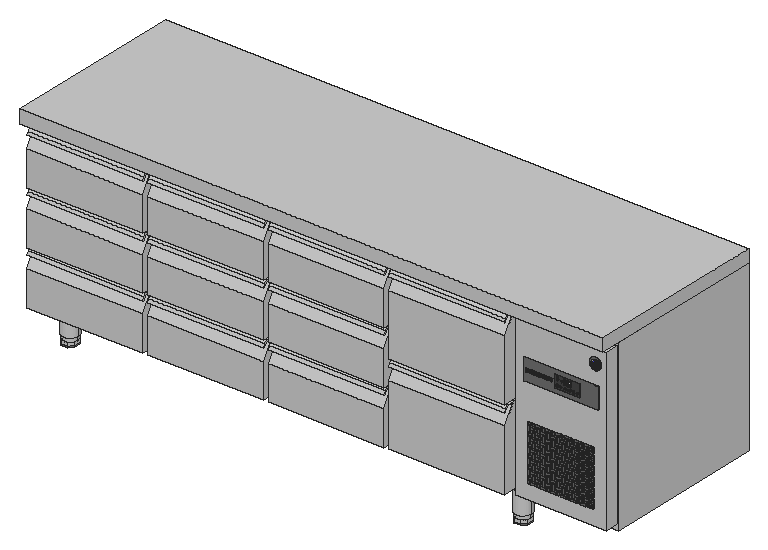
Revit family "QF_HOSHIZAKI_889040858", category Specialty Equipment, Revit 2016 (continued)
Definition of nested family "QF_HOSHIZAKI_889040858_230V_1Ph_50Hz"
  Definition of nested family "Control-panel"
    Forms (mm)
      Extrusion 1, solid
        sketch origin (-3653, 19.5, -135) x (-1, 0, 0) y (0, 0, 1)
          loop
            line (-3840.5, 317.986) -> (-3840.5, 299.986)
            arc (-3840.5, 299.986) -> (-3837, 296.486) -> (-3833.5, 299.986) r 3.5
            line (-3833.5, 299.986) -> (-3833.5, 317.986)
          loop
            arc (-3871.5, 317.986) -> (-3875, 321.486) -> (-3878.5, 317.986) r 3.5
            line (-3878.5, 317.986) -> (-3878.5, 299.986)
            arc (-3878.5, 299.986) -> (-3875, 296.486) -> (-3871.5, 299.986) r 3.5
            line (-3871.5, 299.986) -> (-3871.5, 317.986)
          loop
            arc (-3909.5, 317.986) -> (-3913, 321.486) -> (-3916.5, 317.986) r 3.5
            line (-3916.5, 317.986) -> (-3916.5, 299.986)
            arc (-3916.5, 299.986) -> (-3913, 296.486) -> (-3909.5, 299.986) r 3.5
            line (-3909.5, 299.986) -> (-3909.5, 317.986)
          loop
            arc (-3951, 330.986) -> (-3954, 327.986) -> (-3951, 324.986) r 3
            line (-3951, 324.986) -> (-3942, 324.986)
            arc (-3942, 324.986) -> (-3939, 327.986) -> (-3942, 330.986) r 3
            line (-3942, 330.986) -> (-3951, 330.986)
          loop
            arc (-3947.5, 317.986) -> (-3951, 321.486) -> (-3954.5, 317.986) r 3.5
            line (-3954.5, 317.986) -> (-3954.5, 299.986)
            arc (-3954.5, 299.986) -> (-3951, 296.486) -> (-3947.5, 299.986) r 3.5
            line (-3947.5, 299.986) -> (-3947.5, 317.986)
          loop
            arc (-3941, 312.486) -> (-3944.5, 308.986) -> (-3941, 305.486) r 3.5
            line (-3941, 305.486) -> (-3923, 305.486)
            arc (-3923, 305.486) -> (-3919.5, 308.986) -> (-3923, 312.486) r 3.5
            line (-3923, 312.486) -> (-3941, 312.486)
          loop
            arc (-3903, 312.486) -> (-3906.5, 308.986) -> (-3903, 305.486) r 3.5
            line (-3903, 305.486) -> (-3885, 305.486)
            arc (-3885, 305.486) -> (-3881.5, 308.986) -> (-3885, 312.486) r 3.5
            line (-3885, 312.486) -> (-3903, 312.486)
          loop
            arc (-3865, 312.486) -> (-3868.5, 308.986) -> (-3865, 305.486) r 3.5
            line (-3865, 305.486) -> (-3847, 305.486)
            arc (-3847, 305.486) -> (-3843.5, 308.986) -> (-3847, 312.486) r 3.5
            line (-3847, 312.486) -> (-3865, 312.486)
          loop
            arc (-3827, 312.486) -> (-3830.5, 308.986) -> (-3827, 305.486) r 3.5
            line (-3827, 305.486) -> (-3809, 305.486)
            arc (-3809, 305.486) -> (-3805.5, 308.986) -> (-3809, 312.486) r 3.5
            line (-3809, 312.486) -> (-3827, 312.486)
          loop
            arc (-3789, 312.486) -> (-3792.5, 308.986) -> (-3789, 305.486) r 3.5
            line (-3789, 305.486) -> (-3771, 305.486)
            arc (-3771, 305.486) -> (-3767.5, 308.986) -> (-3771, 312.486) r 3.5
            line (-3771, 312.486) -> (-3789, 312.486)
          loop
            arc (-3751, 312.486) -> (-3754.5, 308.986) -> (-3751, 305.486) r 3.5
            line (-3751, 305.486) -> (-3733, 305.486)
            arc (-3733, 305.486) -> (-3729.5, 308.986) -> (-3733, 312.486) r 3.5
            line (-3733, 312.486) -> (-3751, 312.486)
          loop
            arc (-3713, 312.486) -> (-3716.5, 308.986) -> (-3713, 305.486) r 3.5
            line (-3713, 305.486) -> (-3704, 305.486)
            arc (-3704, 305.486) -> (-3700.5, 308.986) -> (-3704, 312.486) r 3.5
            line (-3704, 312.486) -> (-3713, 312.486)
          loop
            line (-3938.025, 302.996) -> (-3945.025, 302.996) -> (-3945.025, 295.996) -> (-3938.025, 295.996) -> (-3938.025, 302.996)
          loop
            line (-3919.025, 302.996) -> (-3926.025, 302.996) -> (-3926.025, 295.996) -> (-3919.025, 295.996) -> (-3919.025, 302.996)
          loop
            line (-3900.025, 302.996) -> (-3907.025, 302.996) -> (-3907.025, 295.996) -> (-3900.025, 295.996) -> (-3900.025, 302.996)
          loop
            line (-3881.025, 302.996) -> (-3888.025, 302.996) -> (-3888.025, 295.996) -> (-3881.025, 295.996) -> (-3881.025, 302.996)
          loop
            line (-3862.025, 302.996) -> (-3869.025, 302.996) -> (-3869.025, 295.996) -> (-3862.025, 295.996) -> (-3862.025, 302.996)
          loop
            line (-3843.025, 302.996) -> (-3850.025, 302.996) -> (-3850.025, 295.996) -> (-3843.025, 295.996) -> (-3843.025, 302.996)
          loop
            line (-3824.025, 302.996) -> (-3831.025, 302.996) -> (-3831.025, 295.996) -> (-3824.025, 295.996) -> (-3824.025, 302.996)
          loop
            line (-3805.025, 302.996) -> (-3812.025, 302.996) -> (-3812.025, 295.996) -> (-3805.025, 295.996) -> (-3805.025, 302.996)
          loop
            line (-3786.025, 302.996) -> (-3793.025, 302.996) -> (-3793.025, 295.996) -> (-3786.025, 295.996) -> (-3786.025, 302.996)
          loop
            line (-3767.025, 302.996) -> (-3774.025, 302.996) -> (-3774.025, 295.996) -> (-3767.025, 295.996) -> (-3767.025, 302.996)
          loop
            line (-3748.025, 302.996) -> (-3755.025, 302.996) -> (-3755.025, 295.996) -> (-3748.025, 295.996) -> (-3748.025, 302.996)
          loop
            line (-3729.025, 302.996) -> (-3736.025, 302.996) -> (-3736.025, 295.996) -> (-3729.025, 295.996) -> (-3729.025, 302.996)
          loop
            line (-3710.025, 302.996) -> (-3717.025, 302.996) -> (-3717.025, 295.996) -> (-3710.025, 295.996) -> (-3710.025, 302.996)
          loop
            line (-3935.5, 298.986) -> (-3935.5, 280.986)
            arc (-3935.5, 280.986) -> (-3932, 277.486) -> (-3928.5, 280.986) r 3.5
            line (-3928.5, 280.986) -> (-3928.5, 298.986)
            arc (-3928.5, 298.986) -> (-3932, 302.486) -> (-3935.5, 298.986) r 3.5
          loop
            line (-3897.5, 298.986) -> (-3897.5, 280.986)
            arc (-3897.5, 280.986) -> (-3894, 277.486) -> (-3890.5, 280.986) r 3.5
            line (-3890.5, 280.986) -> (-3890.5, 298.986)
            arc (-3890.5, 298.986) -> (-3894, 302.486) -> (-3897.5, 298.986) r 3.5
          loop
            line (-3859.5, 298.986) -> (-3859.5, 280.986)
            arc (-3859.5, 280.986) -> (-3856, 277.486) -> (-3852.5, 280.986) r 3.5
            line (-3852.5, 280.986) -> (-3852.5, 298.986)
            arc (-3852.5, 298.986) -> (-3856, 302.486) -> (-3859.5, 298.986) r 3.5
          loop
            line (-3821.5, 298.986) -> (-3821.5, 280.986)
            arc (-3821.5, 280.986) -> (-3818, 277.486) -> (-3814.5, 280.986) r 3.5
            line (-3814.5, 280.986) -> (-3814.5, 298.986)
            arc (-3814.5, 298.986) -> (-3818, 302.486) -> (-3821.5, 298.986) r 3.5
          loop
            line (-3783.5, 298.986) -> (-3783.5, 280.986)
            arc (-3783.5, 280.986) -> (-3780, 277.486) -> (-3776.5, 280.986) r 3.5
            line (-3776.5, 280.986) -> (-3776.5, 298.986)
            arc (-3776.5, 298.986) -> (-3780, 302.486) -> (-3783.5, 298.986) r 3.5
          loop
            line (-3745.5, 298.986) -> (-3745.5, 280.986)
            arc (-3745.5, 280.986) -> (-3742, 277.486) -> (-3738.5, 280.986) r 3.5
            line (-3738.5, 280.986) -> (-3738.5, 298.986)
            arc (-3738.5, 298.986) -> (-3742, 302.486) -> (-3745.5, 298.986) r 3.5
          loop
            line (-3707.5, 298.986) -> (-3707.5, 280.986)
            arc (-3707.5, 280.986) -> (-3704, 277.486) -> (-3700.5, 280.986) r 3.5
            line (-3700.5, 280.986) -> (-3700.5, 298.986)
            arc (-3700.5, 298.986) -> (-3704, 302.486) -> (-3707.5, 298.986) r 3.5
          loop
            arc (-3922, 293.486) -> (-3925.5, 289.986) -> (-3922, 286.486) r 3.5
            line (-3922, 286.486) -> (-3904, 286.486)
            arc (-3904, 286.486) -> (-3900.5, 289.986) -> (-3904, 293.486) r 3.5
            line (-3904, 293.486) -> (-3922, 293.486)
          loop
            arc (-3884, 293.486) -> (-3887.5, 289.986) -> (-3884, 286.486) r 3.5
            line (-3884, 286.486) -> (-3866, 286.486)
            arc (-3866, 286.486) -> (-3862.5, 289.986) -> (-3866, 293.486) r 3.5
            line (-3866, 293.486) -> (-3884, 293.486)
          loop
            arc (-3846, 293.486) -> (-3849.5, 289.986) -> (-3846, 286.486) r 3.5
            line (-3846, 286.486) -> (-3828, 286.486)
            arc (-3828, 286.486) -> (-3824.5, 289.986) -> (-3828, 293.486) r 3.5
            line (-3828, 293.486) -> (-3846, 293.486)
          loop
            arc (-3808, 293.486) -> (-3811.5, 289.986) -> (-3808, 286.486) r 3.5
            line (-3808, 286.486) -> (-3790, 286.486)
            arc (-3790, 286.486) -> (-3786.5, 289.986) -> (-3790, 293.486) r 3.5
            line (-3790, 293.486) -> (-3808, 293.486)
          loop
            arc (-3770, 293.486) -> (-3773.5, 289.986) -> (-3770, 286.486) r 3.5
            line (-3770, 286.486) -> (-3752, 286.486)
            arc (-3752, 286.486) -> (-3748.5, 289.986) -> (-3752, 293.486) r 3.5
            line (-3752, 293.486) -> (-3770, 293.486)
          loop
            arc (-3732, 293.486) -> (-3735.5, 289.986) -> (-3732, 286.486) r 3.5
            line (-3732, 286.486) -> (-3714, 286.486)
            arc (-3714, 286.486) -> (-3710.5, 289.986) -> (-3714, 293.486) r 3.5
            line (-3714, 293.486) -> (-3732, 293.486)
          loop
            line (-3938.025, 276.976) -> (-3938.025, 283.976) -> (-3945.025, 283.976) -> (-3945.025, 276.976) -> (-3938.025, 276.976)
          loop
            line (-3919.025, 276.976) -> (-3919.025, 283.976) -> (-3926.025, 283.976) -> (-3926.025, 276.976) -> (-3919.025, 276.976)
          loop
            line (-3900.025, 276.976) -> (-3900.025, 283.976) -> (-3907.025, 283.976) -> (-3907.025, 276.976) -> (-3900.025, 276.976)
          loop
            line (-3881.025, 276.976) -> (-3881.025, 283.976) -> (-3888.025, 283.976) -> (-3888.025, 276.976) -> (-3881.025, 276.976)
          loop
            line (-3862.025, 276.976) -> (-3862.025, 283.976) -> (-3869.025, 283.976) -> (-3869.025, 276.976) -> (-3862.025, 276.976)
          loop
            line (-3843.025, 276.976) -> (-3843.025, 283.976) -> (-3850.025, 283.976) -> (-3850.025, 276.976) -> (-3843.025, 276.976)
          loop
            line (-3824.025, 276.976) -> (-3824.025, 283.976) -> (-3831.025, 283.976) -> (-3831.025, 276.976) -> (-3824.025, 276.976)
          loop
            line (-3805.025, 276.976) -> (-3805.025, 283.976) -> (-3812.025, 283.976) -> (-3812.025, 276.976) -> (-3805.025, 276.976)
          loop
            line (-3786.025, 276.976) -> (-3786.025, 283.976) -> (-3793.025, 283.976) -> (-3793.025, 276.976) -> (-3786.025, 276.976)
          loop
            line (-3767.025, 276.976) -> (-3767.025, 283.976) -> (-3774.025, 283.976) -> (-3774.025, 276.976) -> (-3767.025, 276.976)
          loop
            line (-3748.025, 276.976) -> (-3748.025, 283.976) -> (-3755.025, 283.976) -> (-3755.025, 276.976) -> (-3748.025, 276.976)
          loop
            line (-3729.025, 276.976) -> (-3729.025, 283.976) -> (-3736.025, 283.976) -> (-3736.025, 276.976) -> (-3729.025, 276.976)
          loop
            line (-3710.025, 276.976) -> (-3710.025, 283.976) -> (-3717.025, 283.976) -> (-3717.025, 276.976) -> (-3710.025, 276.976)
          loop
            arc (-3719.5, 279.986) -> (-3723, 283.486) -> (-3726.5, 279.986) r 3.5
            line (-3726.5, 279.986) -> (-3726.5, 261.986)
            arc (-3726.5, 261.986) -> (-3723, 258.486) -> (-3719.5, 261.986) r 3.5
            line (-3719.5, 261.986) -> (-3719.5, 279.986)
          loop
            arc (-3757.5, 279.986) -> (-3761, 283.486) -> (-3764.5, 279.986) r 3.5
            line (-3764.5, 279.986) -> (-3764.5, 261.986)
            arc (-3764.5, 261.986) -> (-3761, 258.486) -> (-3757.5, 261.986) r 3.5
            line (-3757.5, 261.986) -> (-3757.5, 279.986)
          loop
            arc (-3795.5, 279.986) -> (-3799, 283.486) -> (-3802.5, 279.986) r 3.5
            line (-3802.5, 279.986) -> (-3802.5, 261.986)
            arc (-3802.5, 261.986) -> (-3799, 258.486) -> (-3795.5, 261.986) r 3.5
            line (-3795.5, 261.986) -> (-3795.5, 279.986)
          loop
            arc (-3833.5, 279.986) -> (-3837, 283.486) -> (-3840.5, 279.986) r 3.5
            line (-3840.5, 279.986) -> (-3840.5, 261.986)
            arc (-3840.5, 261.986) -> (-3837, 258.486) -> (-3833.5, 261.986) r 3.5
            line (-3833.5, 261.986) -> (-3833.5, 279.986)
          loop
            arc (-3871.5, 279.986) -> (-3875, 283.486) -> (-3878.5, 279.986) r 3.5
            line (-3878.5, 279.986) -> (-3878.5, 261.986)
            arc (-3878.5, 261.986) -> (-3875, 258.486) -> (-3871.5, 261.986) r 3.5
            line (-3871.5, 261.986) -> (-3871.5, 279.986)
          loop
            arc (-3909.5, 279.986) -> (-3913, 283.486) -> (-3916.5, 279.986) r 3.5
            line (-3916.5, 279.986) -> (-3916.5, 261.986)
            arc (-3916.5, 261.986) -> (-3913, 258.486) -> (-3909.5, 261.986) r 3.5
            line (-3909.5, 261.986) -> (-3909.5, 279.986)
          loop
            arc (-3951, 292.986) -> (-3954, 289.986) -> (-3951, 286.986) r 3
            line (-3951, 286.986) -> (-3942, 286.986)
            arc (-3942, 286.986) -> (-3939, 289.986) -> (-3942, 292.986) r 3
            line (-3942, 292.986) -> (-3951, 292.986)
          loop
            arc (-3947.5, 279.986) -> (-3951, 283.486) -> (-3954.5, 279.986) r 3.5
            line (-3954.5, 279.986) -> (-3954.5, 261.986)
            arc (-3954.5, 261.986) -> (-3951, 258.486) -> (-3947.5, 261.986) r 3.5
            line (-3947.5, 261.986) -> (-3947.5, 279.986)
          loop
            arc (-3941, 274.486) -> (-3944.5, 270.986) -> (-3941, 267.486) r 3.5
            line (-3941, 267.486) -> (-3923, 267.486)
            arc (-3923, 267.486) -> (-3919.5, 270.986) -> (-3923, 274.486) r 3.5
            line (-3923, 274.486) -> (-3941, 274.486)
          loop
            arc (-3903, 274.486) -> (-3906.5, 270.986) -> (-3903, 267.486) r 3.5
            line (-3903, 267.486) -> (-3885, 267.486)
            arc (-3885, 267.486) -> (-3881.5, 270.986) -> (-3885, 274.486) r 3.5
            line (-3885, 274.486) -> (-3903, 274.486)
          loop
            arc (-3865, 274.486) -> (-3868.5, 270.986) -> (-3865, 267.486) r 3.5
            line (-3865, 267.486) -> (-3847, 267.486)
            arc (-3847, 267.486) -> (-3843.5, 270.986) -> (-3847, 274.486) r 3.5
            line (-3847, 274.486) -> (-3865, 274.486)
          loop
            arc (-3827, 274.486) -> (-3830.5, 270.986) -> (-3827, 267.486) r 3.5
            line (-3827, 267.486) -> (-3809, 267.486)
            arc (-3809, 267.486) -> (-3805.5, 270.986) -> (-3809, 274.486) r 3.5
            line (-3809, 274.486) -> (-3827, 274.486)
          loop
            arc (-3789, 274.486) -> (-3792.5, 270.986) -> (-3789, 267.486) r 3.5
            line (-3789, 267.486) -> (-3771, 267.486)
            arc (-3771, 267.486) -> (-3767.5, 270.986) -> (-3771, 274.486) r 3.5
            line (-3771, 274.486) -> (-3789, 274.486)
          loop
            arc (-3751, 274.486) -> (-3754.5, 270.986) -> (-3751, 267.486) r 3.5
            line (-3751, 267.486) -> (-3733, 267.486)
            arc (-3733, 267.486) -> (-3729.5, 270.986) -> (-3733, 274.486) r 3.5
            line (-3733, 274.486) -> (-3751, 274.486)
          loop
            arc (-3713, 274.486) -> (-3716.5, 270.986) -> (-3713, 267.486) r 3.5
            line (-3713, 267.486) -> (-3704, 267.486)
            arc (-3704, 267.486) -> (-3700.5, 270.986) -> (-3704, 274.486) r 3.5
            line (-3704, 274.486) -> (-3713, 274.486)
          loop
            line (-3938.025, 264.996) -> (-3945.025, 264.996) -> (-3945.025, 257.996) -> (-3938.025, 257.996) -> (-3938.025, 264.996)
          loop
            line (-3919.025, 264.996) -> (-3926.025, 264.996) -> (-3926.025, 257.996) -> (-3919.025, 257.996) -> (-3919.025, 264.996)
          loop
            line (-3900.025, 264.996) -> (-3907.025, 264.996) -> (-3907.025, 257.996) -> (-3900.025, 257.996) -> (-3900.025, 264.996)
          loop
            line (-3881.025, 264.996) -> (-3888.025, 264.996) -> (-3888.025, 257.996) -> (-3881.025, 257.996) -> (-3881.025, 264.996)
          loop
            line (-3862.025, 264.996) -> (-3869.025, 264.996) -> (-3869.025, 257.996) -> (-3862.025, 257.996) -> (-3862.025, 264.996)
          loop
            line (-3843.025, 264.996) -> (-3850.025, 264.996) -> (-3850.025, 257.996) -> (-3843.025, 257.996) -> (-3843.025, 264.996)
          loop
            line (-3824.025, 264.996) -> (-3831.025, 264.996) -> (-3831.025, 257.996) -> (-3824.025, 257.996) -> (-3824.025, 264.996)
          loop
            line (-3805.025, 264.996) -> (-3812.025, 264.996) -> (-3812.025, 257.996) -> (-3805.025, 257.996) -> (-3805.025, 264.996)
          loop
            line (-3786.025, 264.996) -> (-3793.025, 264.996) -> (-3793.025, 257.996) -> (-3786.025, 257.996) -> (-3786.025, 264.996)
          loop
            line (-3767.025, 264.996) -> (-3774.025, 264.996) -> (-3774.025, 257.996) -> (-3767.025, 257.996) -> (-3767.025, 264.996)
          loop
            line (-3748.025, 264.996) -> (-3755.025, 264.996) -> (-3755.025, 257.996) -> (-3748.025, 257.996) -> (-3748.025, 264.996)
          loop
            line (-3729.025, 264.996) -> (-3736.025, 264.996) -> (-3736.025, 257.996) -> (-3729.025, 257.996) -> (-3729.025, 264.996)
          loop
            line (-3710.025, 264.996) -> (-3717.025, 264.996) -> (-3717.025, 257.996) -> (-3710.025, 257.996) -> (-3710.025, 264.996)
          loop
            line (-3935.5, 260.986) -> (-3935.5, 242.986)
            arc (-3935.5, 242.986) -> (-3932, 239.486) -> (-3928.5, 242.986) r 3.5
            line (-3928.5, 242.986) -> (-3928.5, 260.986)
            arc (-3928.5, 260.986) -> (-3932, 264.486) -> (-3935.5, 260.986) r 3.5
          loop
            line (-3897.5, 260.986) -> (-3897.5, 242.986)
            arc (-3897.5, 242.986) -> (-3894, 239.486) -> (-3890.5, 242.986) r 3.5
            line (-3890.5, 242.986) -> (-3890.5, 260.986)
            arc (-3890.5, 260.986) -> (-3894, 264.486) -> (-3897.5, 260.986) r 3.5
          loop
            line (-3859.5, 260.986) -> (-3859.5, 242.986)
            arc (-3859.5, 242.986) -> (-3856, 239.486) -> (-3852.5, 242.986) r 3.5
            line (-3852.5, 242.986) -> (-3852.5, 260.986)
            arc (-3852.5, 260.986) -> (-3856, 264.486) -> (-3859.5, 260.986) r 3.5
          loop
            line (-3821.5, 260.986) -> (-3821.5, 242.986)
            arc (-3821.5, 242.986) -> (-3818, 239.486) -> (-3814.5, 242.986) r 3.5
            line (-3814.5, 242.986) -> (-3814.5, 260.986)
            arc (-3814.5, 260.986) -> (-3818, 264.486) -> (-3821.5, 260.986) r 3.5
          loop
            line (-3783.5, 260.986) -> (-3783.5, 242.986)
            arc (-3783.5, 242.986) -> (-3780, 239.486) -> (-3776.5, 242.986) r 3.5
            line (-3776.5, 242.986) -> (-3776.5, 260.986)
            arc (-3776.5, 260.986) -> (-3780, 264.486) -> (-3783.5, 260.986) r 3.5
          loop
            line (-3745.5, 260.986) -> (-3745.5, 242.986)
            arc (-3745.5, 242.986) -> (-3742, 239.486) -> (-3738.5, 242.986) r 3.5
            line (-3738.5, 242.986) -> (-3738.5, 260.986)
            arc (-3738.5, 260.986) -> (-3742, 264.486) -> (-3745.5, 260.986) r 3.5
          loop
            line (-3707.5, 260.986) -> (-3707.5, 242.986)
            arc (-3707.5, 242.986) -> (-3704, 239.486) -> (-3700.5, 242.986) r 3.5
            line (-3700.5, 242.986) -> (-3700.5, 260.986)
            arc (-3700.5, 260.986) -> (-3704, 264.486) -> (-3707.5, 260.986) r 3.5
          loop
            arc (-3922, 255.486) -> (-3925.5, 251.986) -> (-3922, 248.486) r 3.5
            line (-3922, 248.486) -> (-3904, 248.486)
            arc (-3904, 248.486) -> (-3900.5, 251.986) -> (-3904, 255.486) r 3.5
            line (-3904, 255.486) -> (-3922, 255.486)
          loop
            arc (-3884, 255.486) -> (-3887.5, 251.986) -> (-3884, 248.486) r 3.5
            line (-3884, 248.486) -> (-3866, 248.486)
            arc (-3866, 248.486) -> (-3862.5, 251.986) -> (-3866, 255.486) r 3.5
            line (-3866, 255.486) -> (-3884, 255.486)
          loop
            arc (-3846, 255.486) -> (-3849.5, 251.986) -> (-3846, 248.486) r 3.5
            line (-3846, 248.486) -> (-3828, 248.486)
            arc (-3828, 248.486) -> (-3824.5, 251.986) -> (-3828, 255.486) r 3.5
            line (-3828, 255.486) -> (-3846, 255.486)
          loop
            arc (-3808, 255.486) -> (-3811.5, 251.986) -> (-3808, 248.486) r 3.5
            line (-3808, 248.486) -> (-3790, 248.486)
            arc (-3790, 248.486) -> (-3786.5, 251.986) -> (-3790, 255.486) r 3.5
            line (-3790, 255.486) -> (-3808, 255.486)
          loop
            arc (-3770, 255.486) -> (-3773.5, 251.986) -> (-3770, 248.486) r 3.5
            line (-3770, 248.486) -> (-3752, 248.486)
            arc (-3752, 248.486) -> (-3748.5, 251.986) -> (-3752, 255.486) r 3.5
            line (-3752, 255.486) -> (-3770, 255.486)
          loop
            arc (-3732, 255.486) -> (-3735.5, 251.986) -> (-3732, 248.486) r 3.5
            line (-3732, 248.486) -> (-3714, 248.486)
            arc (-3714, 248.486) -> (-3710.5, 251.986) -> (-3714, 255.486) r 3.5
            line (-3714, 255.486) -> (-3732, 255.486)
          loop
            line (-3938.025, 238.976) -> (-3938.025, 245.976) -> (-3945.025, 245.976) -> (-3945.025, 238.976) -> (-3938.025, 238.976)
          loop
            line (-3919.025, 238.976) -> (-3919.025, 245.976) -> (-3926.025, 245.976) -> (-3926.025, 238.976) -> (-3919.025, 238.976)
          loop
            line (-3900.025, 238.976) -> (-3900.025, 245.976) -> (-3907.025, 245.976) -> (-3907.025, 238.976) -> (-3900.025, 238.976)
          loop
            line (-3881.025, 238.976) -> (-3881.025, 245.976) -> (-3888.025, 245.976) -> (-3888.025, 238.976) -> (-3881.025, 238.976)
          loop
            line (-3862.025, 238.976) -> (-3862.025, 245.976) -> (-3869.025, 245.976) -> (-3869.025, 238.976) -> (-3862.025, 238.976)
          loop
            line (-3843.025, 238.976) -> (-3843.025, 245.976) -> (-3850.025, 245.976) -> (-3850.025, 238.976) -> (-3843.025, 238.976)
          loop
            line (-3824.025, 238.976) -> (-3824.025, 245.976) -> (-3831.025, 245.976) -> (-3831.025, 238.976) -> (-3824.025, 238.976)
          loop
            line (-3805.025, 238.976) -> (-3805.025, 245.976) -> (-3812.025, 245.976) -> (-3812.025, 238.976) -> (-3805.025, 238.976)
          loop
            line (-3786.025, 238.976) -> (-3786.025, 245.976) -> (-3793.025, 245.976) -> (-3793.025, 238.976) -> (-3786.025, 238.976)
          loop
            line (-3767.025, 238.976) -> (-3767.025, 245.976) -> (-3774.025, 245.976) -> (-3774.025, 238.976) -> (-3767.025, 238.976)
          loop
            line (-3748.025, 238.976) -> (-3748.025, 245.976) -> (-3755.025, 245.976) -> (-3755.025, 238.976) -> (-3748.025, 238.976)
          loop
            line (-3729.025, 238.976) -> (-3729.025, 245.976) -> (-3736.025, 245.976) -> (-3736.025, 238.976) -> (-3729.025, 238.976)
          loop
            line (-3710.025, 238.976) -> (-3710.025, 245.976) -> (-3717.025, 245.976) -> (-3717.025, 238.976) -> (-3710.025, 238.976)
          loop
            arc (-3719.5, 241.986) -> (-3723, 245.486) -> (-3726.5, 241.986) r 3.5
            line (-3726.5, 241.986) -> (-3726.5, 223.986)
            arc (-3726.5, 223.986) -> (-3723, 220.486) -> (-3719.5, 223.986) r 3.5
            line (-3719.5, 223.986) -> (-3719.5, 241.986)
          loop
            arc (-3757.5, 241.986) -> (-3761, 245.486) -> (-3764.5, 241.986) r 3.5
            line (-3764.5, 241.986) -> (-3764.5, 223.986)
            arc (-3764.5, 223.986) -> (-3761, 220.486) -> (-3757.5, 223.986) r 3.5
            line (-3757.5, 223.986) -> (-3757.5, 241.986)
          loop
            arc (-3795.5, 241.986) -> (-3799, 245.486) -> (-3802.5, 241.986) r 3.5
            line (-3802.5, 241.986) -> (-3802.5, 223.986)
            arc (-3802.5, 223.986) -> (-3799, 220.486) -> (-3795.5, 223.986) r 3.5
            line (-3795.5, 223.986) -> (-3795.5, 241.986)
          loop
            arc (-3833.5, 241.986) -> (-3837, 245.486) -> (-3840.5, 241.986) r 3.5
            line (-3840.5, 241.986) -> (-3840.5, 223.986)
            arc (-3840.5, 223.986) -> (-3837, 220.486) -> (-3833.5, 223.986) r 3.5
            line (-3833.5, 223.986) -> (-3833.5, 241.986)
          loop
            arc (-3871.5, 241.986) -> (-3875, 245.486) -> (-3878.5, 241.986) r 3.5
            line (-3878.5, 241.986) -> (-3878.5, 223.986)
            arc (-3878.5, 223.986) -> (-3875, 220.486) -> (-3871.5, 223.986) r 3.5
            line (-3871.5, 223.986) -> (-3871.5, 241.986)
          loop
            arc (-3909.5, 241.986) -> (-3913, 245.486) -> (-3916.5, 241.986) r 3.5
            line (-3916.5, 241.986) -> (-3916.5, 223.986)
            arc (-3916.5, 223.986) -> (-3913, 220.486) -> (-3909.5, 223.986) r 3.5
            line (-3909.5, 223.986) -> (-3909.5, 241.986)
          loop
            arc (-3951, 254.986) -> (-3954, 251.986) -> (-3951, 248.986) r 3
            line (-3951, 248.986) -> (-3942, 248.986)
            arc (-3942, 248.986) -> (-3939, 251.986) -> (-3942, 254.986) r 3
            line (-3942, 254.986) -> (-3951, 254.986)
          loop
            arc (-3947.5, 241.986) -> (-3951, 245.486) -> (-3954.5, 241.986) r 3.5
            line (-3954.5, 241.986) -> (-3954.5, 223.986)
            arc (-3954.5, 223.986) -> (-3951, 220.486) -> (-3947.5, 223.986) r 3.5
            line (-3947.5, 223.986) -> (-3947.5, 241.986)
          loop
            arc (-3941, 236.486) -> (-3944.5, 232.986) -> (-3941, 229.486) r 3.5
            line (-3941, 229.486) -> (-3923, 229.486)
            arc (-3923, 229.486) -> (-3919.5, 232.986) -> (-3923, 236.486) r 3.5
            line (-3923, 236.486) -> (-3941, 236.486)
          loop
            arc (-3903, 236.486) -> (-3906.5, 232.986) -> (-3903, 229.486) r 3.5
            line (-3903, 229.486) -> (-3885, 229.486)
            arc (-3885, 229.486) -> (-3881.5, 232.986) -> (-3885, 236.486) r 3.5
            line (-3885, 236.486) -> (-3903, 236.486)
          loop
            arc (-3865, 236.486) -> (-3868.5, 232.986) -> (-3865, 229.486) r 3.5
            line (-3865, 229.486) -> (-3847, 229.486)
            arc (-3847, 229.486) -> (-3843.5, 232.986) -> (-3847, 236.486) r 3.5
            line (-3847, 236.486) -> (-3865, 236.486)
          loop
            arc (-3827, 236.486) -> (-3830.5, 232.986) -> (-3827, 229.486) r 3.5
            line (-3827, 229.486) -> (-3809, 229.486)
            arc (-3809, 229.486) -> (-3805.5, 232.986) -> (-3809, 236.486) r 3.5
            line (-3809, 236.486) -> (-3827, 236.486)
          loop
            arc (-3789, 236.486) -> (-3792.5, 232.986) -> (-3789, 229.486) r 3.5
            line (-3789, 229.486) -> (-3771, 229.486)
            arc (-3771, 229.486) -> (-3767.5, 232.986) -> (-3771, 236.486) r 3.5
            line (-3771, 236.486) -> (-3789, 236.486)
          loop
            arc (-3751, 236.486) -> (-3754.5, 232.986) -> (-3751, 229.486) r 3.5
            line (-3751, 229.486) -> (-3733, 229.486)
            arc (-3733, 229.486) -> (-3729.5, 232.986) -> (-3733, 236.486) r 3.5
            line (-3733, 236.486) -> (-3751, 236.486)
          loop
            arc (-3713, 236.486) -> (-3716.5, 232.986) -> (-3713, 229.486) r 3.5
            line (-3713, 229.486) -> (-3704, 229.486)
            arc (-3704, 229.486) -> (-3700.5, 232.986) -> (-3704, 236.486) r 3.5
            line (-3704, 236.486) -> (-3713, 236.486)
          loop
            line (-3938.025, 226.996) -> (-3945.025, 226.996) -> (-3945.025, 219.996) -> (-3938.025, 219.996) -> (-3938.025, 226.996)
          loop
            line (-3919.025, 226.996) -> (-3926.025, 226.996) -> (-3926.025, 219.996) -> (-3919.025, 219.996) -> (-3919.025, 226.996)
          loop
            line (-3900.025, 226.996) -> (-3907.025, 226.996) -> (-3907.025, 219.996) -> (-3900.025, 219.996) -> (-3900.025, 226.996)
          loop
            line (-3881.025, 226.996) -> (-3888.025, 226.996) -> (-3888.025, 219.996) -> (-3881.025, 219.996) -> (-3881.025, 226.996)
          loop
            line (-3862.025, 226.996) -> (-3869.025, 226.996) -> (-3869.025, 219.996) -> (-3862.025, 219.996) -> (-3862.025, 226.996)
          loop
            line (-3843.025, 226.996) -> (-3850.025, 226.996) -> (-3850.025, 219.996) -> (-3843.025, 219.996) -> (-3843.025, 226.996)
          loop
            line (-3824.025, 226.996) -> (-3831.025, 226.996) -> (-3831.025, 219.996) -> (-3824.025, 219.996) -> (-3824.025, 226.996)
          loop
            line (-3805.025, 226.996) -> (-3812.025, 226.996) -> (-3812.025, 219.996) -> (-3805.025, 219.996) -> (-3805.025, 226.996)
          loop
            line (-3786.025, 226.996) -> (-3793.025, 226.996) -> (-3793.025, 219.996) -> (-3786.025, 219.996) -> (-3786.025, 226.996)
          loop
            line (-3767.025, 226.996) -> (-3774.025, 226.996) -> (-3774.025, 219.996) -> (-3767.025, 219.996) -> (-3767.025, 226.996)
          loop
            line (-3748.025, 226.996) -> (-3755.025, 226.996) -> (-3755.025, 219.996) -> (-3748.025, 219.996) -> (-3748.025, 226.996)
          loop
            line (-3729.025, 226.996) -> (-3736.025, 226.996) -> (-3736.025, 219.996) -> (-3729.025, 219.996) -> (-3729.025, 226.996)
          loop
            line (-3710.025, 226.996) -> (-3717.025, 226.996) -> (-3717.025, 219.996) -> (-3710.025, 219.996) -> (-3710.025, 226.996)
          loop
            arc (-3922, 217.486) -> (-3925.5, 213.986) -> (-3922, 210.486) r 3.5
            line (-3922, 210.486) -> (-3904, 210.486)
            arc (-3904, 210.486) -> (-3900.5, 213.986) -> (-3904, 217.486) r 3.5
            line (-3904, 217.486) -> (-3922, 217.486)
          loop
            arc (-3884, 217.486) -> (-3887.5, 213.986) -> (-3884, 210.486) r 3.5
            line (-3884, 210.486) -> (-3866, 210.486)
            arc (-3866, 210.486) -> (-3862.5, 213.986) -> (-3866, 217.486) r 3.5
            line (-3866, 217.486) -> (-3884, 217.486)
          loop
            arc (-3846, 217.486) -> (-3849.5, 213.986) -> (-3846, 210.486) r 3.5
            line (-3846, 210.486) -> (-3828, 210.486)
            arc (-3828, 210.486) -> (-3824.5, 213.986) -> (-3828, 217.486) r 3.5
            line (-3828, 217.486) -> (-3846, 217.486)
          loop
            arc (-3808, 217.486) -> (-3811.5, 213.986) -> (-3808, 210.486) r 3.5
            line (-3808, 210.486) -> (-3790, 210.486)
            arc (-3790, 210.486) -> (-3786.5, 213.986) -> (-3790, 217.486) r 3.5
            line (-3790, 217.486) -> (-3808, 217.486)
          loop
            arc (-3770, 217.486) -> (-3773.5, 213.986) -> (-3770, 210.486) r 3.5
            line (-3770, 210.486) -> (-3752, 210.486)
            arc (-3752, 210.486) -> (-3748.5, 213.986) -> (-3752, 217.486) r 3.5
            line (-3752, 217.486) -> (-3770, 217.486)
          loop
            arc (-3732, 217.486) -> (-3735.5, 213.986) -> (-3732, 210.486) r 3.5
            line (-3732, 210.486) -> (-3714, 210.486)
            arc (-3714, 210.486) -> (-3710.5, 213.986) -> (-3714, 217.486) r 3.5
            line (-3714, 217.486) -> (-3732, 217.486)
          loop
            arc (-3951, 216.986) -> (-3954, 213.986) -> (-3951, 210.986) r 3
            line (-3951, 210.986) -> (-3942, 210.986)
            arc (-3942, 210.986) -> (-3939, 213.986) -> (-3942, 216.986) r 3
            line (-3942, 216.986) -> (-3951, 216.986)
          loop
            arc (-3701, 223.486) -> (-3704, 226.486) -> (-3707, 223.486) r 3
            line (-3707, 223.486) -> (-3707, 214.486)
            arc (-3707, 214.486) -> (-3704, 211.486) -> (-3701, 214.486) r 3
            line (-3701, 214.486) -> (-3701, 223.486)
          loop
            arc (-3739, 223.486) -> (-3742, 226.486) -> (-3745, 223.486) r 3
            line (-3745, 223.486) -> (-3745, 214.486)
            arc (-3745, 214.486) -> (-3742, 211.486) -> (-3739, 214.486) r 3
            line (-3739, 214.486) -> (-3739, 223.486)
          loop
            arc (-3777, 223.486) -> (-3780, 226.486) -> (-3783, 223.486) r 3
            line (-3783, 223.486) -> (-3783, 214.486)
            arc (-3783, 214.486) -> (-3780, 211.486) -> (-3777, 214.486) r 3
            line (-3777, 214.486) -> (-3777, 223.486)
          loop
            arc (-3815, 223.486) -> (-3818, 226.486) -> (-3821, 223.486) r 3
            line (-3821, 223.486) -> (-3821, 214.486)
            arc (-3821, 214.486) -> (-3818, 211.486) -> (-3815, 214.486) r 3
            line (-3815, 214.486) -> (-3815, 223.486)
          loop
            arc (-3853, 223.486) -> (-3856, 226.486) -> (-3859, 223.486) r 3
            line (-3859, 223.486) -> (-3859, 214.486)
            arc (-3859, 214.486) -> (-3856, 211.486) -> (-3853, 214.486) r 3
            line (-3853, 214.486) -> (-3853, 223.486)
          loop
            arc (-3891, 223.486) -> (-3894, 226.486) -> (-3897, 223.486) r 3
            line (-3897, 223.486) -> (-3897, 214.486)
            arc (-3897, 214.486) -> (-3894, 211.486) -> (-3891, 214.486) r 3
            line (-3891, 214.486) -> (-3891, 223.486)
          loop
            arc (-3929, 223.486) -> (-3932, 226.486) -> (-3935, 223.486) r 3
            line (-3935, 223.486) -> (-3935, 214.486)
            arc (-3935, 214.486) -> (-3932, 211.486) -> (-3929, 214.486) r 3
            line (-3929, 214.486) -> (-3929, 223.486)
        from 5.5 to 7.5
      Extrusion 2, solid
        sketch origin (-1812, 19.5, -302.5) x (-1, 0, 0) y (0, 0, 1)
          loop
            line (-2131, 808) -> (-2131, 731)
            arc (-2131, 731) -> (-2130.121, 728.879) -> (-2128, 728) r 3
            line (-2128, 728) -> (-1845, 728)
            arc (-1845, 728) -> (-1842.879, 728.879) -> (-1842, 731) r 3
            line (-1842, 731) -> (-1842, 808)
            arc (-1842, 808) -> (-1842.879, 810.121) -> (-1845, 811) r 3
            line (-1845, 811) -> (-2128, 811)
            arc (-2128, 811) -> (-2130.121, 810.121) -> (-2131, 808) r 3
        from 5.5 to 7.5
      Extrusion 3, solid
        sketch origin (-1721.829, 19.5, -302.5) x (-1, 0, 0) y (0, 0, 1)
          loop
            line (-1873, 793) -> (-1968.159, 793) -> (-1968.159, 746) -> (-1873, 746) -> (-1873, 793)
        from 5 to 7.5
      Extrusion 4, solid, visible <- "Show Logo"
        sketch origin (-1807, 19.5, -188.5) x (-1, 0, 0) y (0, 0, 1)
          loop
            circle (-2113.5, 769.5) r 13.99
        from 4.5 to 6
      Extrusion 5, solid, visible <- "Show Logo"
        sketch origin (-1807, 19.5, -188.5) x (-1, 0, 0) y (0, 0, 1)
          loop
            circle (-2113.5, 769.5) r 15
          loop
            line (-2126.5, 769.5) -> (-2120.846, 773.459) -> (-2118.907, 773.459) -> (-2118.036, 763.497) -> (-2119.632, 763.497) -> (-2117.808, 760.891) -> (-2122.091, 759.743)
            arc (-2122.091, 759.743) -> (-2112.99, 756.51) -> (-2104.171, 760.446) r 13
            line (-2104.171, 760.446) -> (-2111.913, 760.446) -> (-2113.024, 758.523) -> (-2117.6, 758.523) -> (-2113.951, 764.843) -> (-2112.168, 762.297) -> (-2110.969, 763.497) -> (-2112.161, 767.945) -> (-2112.983, 771.014) -> (-2114.045, 774.979) -> (-2115.629, 777.241) -> (-2111.344, 777.241) -> (-2110.01, 772.26) -> (-2108.361, 772.26) -> (-2107.029, 770.928) -> (-2104.038, 769.201) -> (-2103.03, 765.437) -> (-2100.604, 767.863)
            arc (-2100.604, 767.863) -> (-2112.68, 782.474) -> (-2126.5, 769.5) r 13
          loop
            arc (-2125.531, 764.467) -> (-2124.506, 762.602) -> (-2123.241, 760.891) r 15.828
            line (-2123.241, 760.891) -> (-2121.071, 768.926) -> (-2125.531, 764.467)
          loop
            line (-2109.801, 769.877) -> (-2109.801, 764.664) -> (-2108.483, 768.285) -> (-2106.744, 769.399) -> (-2109.801, 769.877)
          loop
            line (-2108.558, 762.979) -> (-2105.47, 762.035) -> (-2104.504, 761.224) -> (-2103.812, 761.916) -> (-2105.089, 763.908) -> (-2108.558, 762.979)
          loop
            line (-2110.775, 779.307) -> (-2108.457, 780.388) -> (-2110.775, 781.009) -> (-2110.775, 779.307)
          loop
            line (-2113.024, 781.662) -> (-2115.087, 781.11) -> (-2114.199, 779.205) -> (-2112.584, 779.638) -> (-2113.79, 780.335) -> (-2113.024, 781.662)
          loop
            line (-2113.762, 753.783) -> (-2114.844, 752.701) -> (-2116.385, 752.701) -> (-2115.329, 751.645) -> (-2115.642, 749.874) -> (-2113.762, 750.959) -> (-2111.881, 749.874) -> (-2112.194, 751.645) -> (-2111.138, 752.701) -> (-2112.679, 752.701) -> (-2113.762, 753.783)
          loop
            line (-2126.524, 760.7) -> (-2128.032, 760.965) -> (-2128.916, 762.228) -> (-2129.176, 760.757) -> (-2130.805, 759.997) -> (-2128.838, 759.08) -> (-2128.648, 756.917) -> (-2127.377, 758.188) -> (-2125.906, 757.929) -> (-2126.79, 759.191) -> (-2126.524, 760.7)
          loop
            line (-2120.989, 755.68) -> (-2122.45, 755.219) -> (-2123.816, 755.931) -> (-2123.367, 754.507) -> (-2124.462, 753.08) -> (-2122.293, 753.175) -> (-2121.127, 751.344) -> (-2120.586, 753.059) -> (-2119.162, 753.508) -> (-2120.529, 754.219) -> (-2120.989, 755.68)
          loop
            line (-2100.476, 760.7) -> (-2100.21, 759.191) -> (-2101.094, 757.929) -> (-2099.623, 758.188) -> (-2098.352, 756.917) -> (-2098.162, 759.08) -> (-2096.195, 759.997) -> (-2097.824, 760.757) -> (-2098.084, 762.228) -> (-2098.968, 760.965) -> (-2100.476, 760.7)
          loop
            line (-2106.011, 755.68) -> (-2106.471, 754.219) -> (-2107.838, 753.508) -> (-2106.414, 753.059) -> (-2105.873, 751.344) -> (-2104.707, 753.175) -> (-2102.538, 753.08) -> (-2103.633, 754.507) -> (-2103.184, 755.931) -> (-2104.55, 755.219) -> (-2106.011, 755.68)
        from 4 to 6
      Extrusion 6, solid, visible <- "Show Logo"
        sketch origin (-1807, 19.5, -188.5) x (-1, 0, 0) y (0, 0, 1)
          loop
            line (-2110.775, 781.009) -> (-2112.201, 782.435)
            arc (-2112.201, 782.435) -> (-2113.187, 782.496) -> (-2114.172, 782.435) r 8.046
            arc (-2114.172, 782.435) -> (-2116.517, 781.025) -> (-2117.04, 778.339) r 3.366
            line (-2117.04, 778.339) -> (-2118.907, 773.459) -> (-2117.808, 760.891) -> (-2119.436, 758.565) -> (-2117.576, 758.565) -> (-2113.951, 764.843) -> (-2112.168, 762.297) -> (-2110.969, 763.497) -> (-2114.045, 774.979) -> (-2115.629, 777.241) -> (-2111.299, 777.241) -> (-2110.775, 779.307) -> (-2110.775, 781.009)
          loop
            line (-2116.531, 758.523) -> (-2117.14, 757.468) -> (-2111.822, 757.468) -> (-2112.761, 758.407) -> (-2109.605, 758.407) -> (-2110.682, 759.485) -> (-2112.469, 759.485) -> (-2113.024, 758.523) -> (-2116.531, 758.523)
          loop
            line (-2113.024, 781.662) -> (-2115.087, 781.11) -> (-2114.199, 779.205) -> (-2112.584, 779.638) -> (-2113.79, 780.335) -> (-2113.024, 781.662)
        from 4 to 6
      Extrusion 7, solid, visible <- "Show Logo"
        sketch origin (-1807, 19.5, -188.5) x (-1, 0, 0) y (0, 0, 1)
          loop
            circle (-2113.5, 769.5) r 22.5
        from 5 to 7.5
      Extrusion 8, solid
        sketch origin (-1721.829, 19.5, -302.5) x (-1, 0, 0) y (0, 0, 1)
          loop
            line (-1897.356, 754.233) -> (-1901.676, 760.18) -> (-1902.485, 759.592) -> (-1897.356, 752.532) -> (-1892.226, 759.592) -> (-1893.035, 760.18) -> (-1897.356, 754.233)
          loop
            line (-1895.298, 779.667) -> (-1903.298, 779.667) -> (-1899.298, 774.161) -> (-1895.298, 779.667)
          loop
            arc (-1884, 780.828) -> (-1883, 775) -> (-1882, 780.828) r 3
            line (-1882, 780.828) -> (-1882, 789)
            arc (-1882, 789) -> (-1883, 790) -> (-1884, 789) r 1
            line (-1884, 789) -> (-1884, 780.828)
          loop
            line (-1936.977, 758.753) -> (-1936.977, 757.753) -> (-1935.558, 757.753) -> (-1935.558, 753.753) -> (-1934.558, 753.753) -> (-1934.558, 757.753) -> (-1933.139, 757.753) -> (-1933.139, 758.753) -> (-1936.977, 758.753)
          loop
            line (-1932.115, 758.753) -> (-1932.115, 757.753) -> (-1929.56, 757.753) -> (-1929.56, 756.753) -> (-1932.115, 756.753) -> (-1932.115, 755.753) -> (-1929.56, 755.753) -> (-1929.56, 754.846) -> (-1932.115, 754.846) -> (-1932.115, 753.959) -> (-1928.597, 753.959) -> (-1928.597, 758.753) -> (-1932.115, 758.753)
          loop
            arc (-1924.65, 754.079) -> (-1924.044, 754.636) -> (-1923.817, 755.427) r 1.523
            line (-1923.817, 755.427) -> (-1924.894, 755.427)
            arc (-1924.894, 755.427) -> (-1925.223, 754.677) -> (-1926.036, 754.57) r 0.834
            arc (-1926.036, 754.57) -> (-1926.426, 755.149) -> (-1926.036, 755.728) r 0.624
            line (-1926.036, 755.728) -> (-1924.4, 756.389)
            arc (-1924.4, 756.389) -> (-1923.819, 757.429) -> (-1924.4, 758.468) r 1.22
            arc (-1924.4, 758.468) -> (-1925.609, 758.837) -> (-1926.845, 758.566) r 2.5
            arc (-1926.845, 758.566) -> (-1927.43, 758.007) -> (-1927.61, 757.218) r 1.408
            line (-1927.61, 757.218) -> (-1926.501, 757.218)
            arc (-1926.501, 757.218) -> (-1926.119, 757.761) -> (-1925.46, 757.843) r 0.819
            arc (-1925.46, 757.843) -> (-1925.082, 757.298) -> (-1925.527, 756.805) r 0.534
            arc (-1925.527, 756.805) -> (-1926.174, 756.645) -> (-1926.79, 756.389) r 4.401
            arc (-1926.79, 756.389) -> (-1927.499, 755.234) -> (-1926.79, 754.079) r 1.296
            arc (-1926.79, 754.079) -> (-1925.72, 753.823) -> (-1924.65, 754.079) r 2.364
          loop
            line (-1958.87, 752.532) -> (-1958.87, 755.934)
            arc (-1958.87, 755.934) -> (-1958.222, 756.503) -> (-1957.723, 757.207) r 3.697
            arc (-1957.723, 757.207) -> (-1957.553, 757.851) -> (-1957.699, 758.502) r 1.401
            arc (-1957.699, 758.502) -> (-1958.144, 759.265) -> (-1958.709, 759.944) r 5.307
            arc (-1958.709, 759.944) -> (-1959.239, 760.424) -> (-1959.82, 760.841) r 6.284
            arc (-1959.82, 760.841) -> (-1960.356, 760.997) -> (-1960.892, 760.841) r 1
            arc (-1960.892, 760.841) -> (-1961.473, 760.424) -> (-1962.003, 759.944) r 6.284
            arc (-1962.003, 759.944) -> (-1962.568, 759.265) -> (-1963.013, 758.502) r 5.307
            arc (-1963.013, 758.502) -> (-1963.159, 757.851) -> (-1962.988, 757.207) r 1.401
            arc (-1962.988, 757.207) -> (-1962.49, 756.503) -> (-1961.842, 755.934) r 3.697
            line (-1961.842, 755.934) -> (-1961.842, 752.532) -> (-1958.87, 752.532)
          loop
            line (-1882.858, 757.309) -> (-1881.853, 757.309) -> (-1881.853, 762) -> (-1882.858, 762) -> (-1882.858, 757.309)
          loop
            line (-1881.418, 759.222) -> (-1881.418, 760.609)
            arc (-1881.418, 760.609) -> (-1882.356, 752) -> (-1883.294, 760.609) r 4.356
            line (-1883.294, 760.609) -> (-1883.294, 759.222)
            arc (-1883.294, 759.222) -> (-1882.356, 753.34) -> (-1881.418, 759.222) r 3.016
          loop
            line (-1942.482, 755.817) -> (-1943.482, 755.817) -> (-1943.482, 752.817) -> (-1942.482, 752.817) -> (-1942.482, 755.817)
          loop
            line (-1944.856, 754.447) -> (-1945.856, 754.447) -> (-1945.856, 751.447) -> (-1944.856, 751.447) -> (-1944.856, 754.447)
          loop
            line (-1948.23, 755.817) -> (-1948.23, 752.817) -> (-1947.23, 752.817) -> (-1947.23, 755.817) -> (-1948.23, 755.817)
          loop
            line (-1945.356, 755.607) -> (-1942.858, 757.356) -> (-1943.431, 758.175) -> (-1945.356, 756.827) -> (-1947.28, 758.175) -> (-1947.854, 757.356) -> (-1945.356, 755.607)
          loop
            line (-1945.356, 758.296) -> (-1943.128, 760.523) -> (-1943.835, 761.23) -> (-1945.356, 759.71) -> (-1946.876, 761.23) -> (-1947.583, 760.523) -> (-1945.356, 758.296)
          loop
            line (-1912.356, 758.479) -> (-1908.035, 752.532) -> (-1907.226, 753.12) -> (-1912.356, 760.18) -> (-1917.485, 753.12) -> (-1916.676, 752.532) -> (-1912.356, 758.479)
          loop
            line (-1919.965, 768) -> (-1908.298, 768) -> (-1908.298, 779.667) -> (-1916.632, 779.667) -> (-1916.632, 784.667) -> (-1908.298, 784.667) -> (-1908.298, 788) -> (-1919.965, 788) -> (-1919.965, 776.333) -> (-1911.632, 776.333) -> (-1911.632, 771.333) -> (-1919.965, 771.333) -> (-1919.965, 768)
          loop
            line (-1934.965, 768) -> (-1923.298, 768) -> (-1923.298, 779.667) -> (-1931.632, 779.667) -> (-1931.632, 784.667) -> (-1923.298, 784.667) -> (-1923.298, 788) -> (-1934.965, 788) -> (-1934.965, 776.333) -> (-1926.632, 776.333) -> (-1926.632, 771.333) -> (-1934.965, 771.333) -> (-1934.965, 768)
        from 5 to 7.5
      Extrusion 9, solid, visible <- "Show Logo"
        sketch origin (5.605, 25.5, -94.508) x (-1, 0, 0) y (0, 0, 1)
          loop
            line (-34.966, 567.015) -> (-40.766, 567.015) -> (-40.766, 565.73) -> (-38.944, 564.902) -> (-38.944, 562.682) -> (-43.554, 562.682) -> (-43.554, 564.902) -> (-41.731, 565.73) -> (-41.731, 567.015) -> (-47.532, 567.015) -> (-47.532, 565.73) -> (-46.098, 564.902) -> (-46.098, 558.114) -> (-47.532, 557.286) -> (-47.532, 556) -> (-41.731, 556) -> (-41.731, 557.286) -> (-43.554, 558.114) -> (-43.554, 560.673) -> (-38.944, 560.673) -> (-38.944, 558.114) -> (-40.766, 557.286) -> (-40.766, 556) -> (-34.966, 556) -> (-34.966, 557.286) -> (-36.4, 558.114) -> (-36.4, 564.902) -> (-34.966, 565.73) -> (-34.966, 567.015)
          loop
            spline (-53.399, 556.042) -> (-51.878, 556.229) -> (-50.461, 556.777) -> (-49.244, 557.649) -> (-48.31, 558.785) -> (-47.723, 560.108) -> (-47.523, 561.528) -> (-47.723, 562.949) -> (-48.31, 564.272) -> (-49.244, 565.408) -> (-50.461, 566.28) -> (-51.878, 566.828) -> (-53.399, 567.015)
            spline (-53.399, 567.015) -> (-54.92, 566.828) -> (-56.337, 566.28) -> (-57.554, 565.408) -> (-58.488, 564.272) -> (-59.075, 562.949) -> (-59.276, 561.528) -> (-59.075, 560.108) -> (-58.488, 558.785) -> (-57.554, 557.649) -> (-56.337, 556.777) -> (-54.92, 556.229) -> (-53.399, 556.042)
          loop
            spline (-53.299, 557.388) -> (-52.547, 557.529) -> (-51.847, 557.943) -> (-51.245, 558.601) -> (-50.784, 559.458) -> (-50.493, 560.457) -> (-50.394, 561.528) -> (-50.493, 562.6) -> (-50.784, 563.598) -> (-51.245, 564.456) -> (-51.847, 565.114) -> (-52.547, 565.527) -> (-53.299, 565.668)
            spline (-53.299, 565.668) -> (-54.051, 565.527) -> (-54.752, 565.114) -> (-55.353, 564.456) -> (-55.815, 563.598) -> (-56.105, 562.6) -> (-56.204, 561.528) -> (-56.105, 560.457) -> (-55.815, 559.458) -> (-55.353, 558.601) -> (-54.752, 557.943) -> (-54.051, 557.529) -> (-53.299, 557.388)
          loop
            line (-69.829, 567.094) -> (-69.829, 563.369) -> (-68.139, 563.369) -> (-66.541, 565.495)
            arc (-66.541, 565.495) -> (-65.019, 565.695) -> (-63.498, 565.495) r 5.879
            arc (-63.498, 565.495) -> (-62.682, 564.432) -> (-63.498, 563.369) r 1.1
            line (-63.498, 563.369) -> (-69.29, 561.817)
            arc (-69.29, 561.817) -> (-70.234, 559.317) -> (-69.29, 556.817) r 3.783
            arc (-69.29, 556.817) -> (-65.84, 555.742) -> (-62.391, 556.817) r 6.071
            line (-62.391, 556.817) -> (-61.743, 556.17) -> (-59.855, 556.17) -> (-59.855, 559.779) -> (-61.862, 559.779) -> (-63.839, 557.802)
            arc (-63.839, 557.802) -> (-65.344, 557.537) -> (-66.85, 557.802) r 4.401
            arc (-66.85, 557.802) -> (-67.476, 558.697) -> (-66.85, 559.592) r 0.953
            line (-66.85, 559.592) -> (-61.612, 561.499)
            arc (-61.612, 561.499) -> (-59.989, 563.999) -> (-61.612, 566.499) r 2.737
            arc (-61.612, 566.499) -> (-64.578, 567.129) -> (-67.544, 566.499) r 7.289
            line (-67.544, 566.499) -> (-68.139, 567.094) -> (-69.829, 567.094)
          loop
            line (-71.301, 567.015) -> (-77.102, 567.015) -> (-77.102, 565.73) -> (-75.279, 564.902) -> (-75.279, 562.682) -> (-79.89, 562.682) -> (-79.89, 564.902) -> (-78.067, 565.73) -> (-78.067, 567.015) -> (-83.867, 567.015) -> (-83.867, 565.73) -> (-82.433, 564.902) -> (-82.433, 558.114) -> (-83.867, 557.286) -> (-83.867, 556) -> (-78.067, 556) -> (-78.067, 557.286) -> (-79.89, 558.114) -> (-79.89, 560.673) -> (-75.279, 560.673) -> (-75.279, 558.114) -> (-77.102, 557.286) -> (-77.102, 556) -> (-71.301, 556) -> (-71.301, 557.286) -> (-72.736, 558.114) -> (-72.736, 564.902) -> (-71.301, 565.73) -> (-71.301, 567.015)
          loop
            line (-90.776, 567.015) -> (-90.776, 565.73) -> (-89.342, 564.902) -> (-89.342, 558.114) -> (-90.776, 557.286) -> (-90.776, 556) -> (-84.989, 556) -> (-84.989, 557.286) -> (-86.423, 558.114) -> (-86.423, 564.902) -> (-84.989, 565.73) -> (-84.989, 567.015) -> (-90.776, 567.015)
          loop
            line (-92.073, 567.015) -> (-101.842, 567.015) -> (-101.842, 565.297) -> (-95.543, 557.791) -> (-98.873, 557.791) -> (-100.144, 558.681) -> (-100.144, 560.456) -> (-101.842, 560.456) -> (-101.842, 556) -> (-92.073, 556) -> (-92.073, 557.791) -> (-97.907, 564.744) -> (-97.907, 565.637) -> (-94.625, 565.637) -> (-93.746, 564.758) -> (-93.746, 562.341) -> (-92.073, 562.341) -> (-92.073, 567.015)
          loop
            line (-102.808, 556) -> (-102.808, 557.427) -> (-103.934, 557.427) -> (-107.808, 567.015) -> (-109.97, 567.015) -> (-113.886, 557.791) -> (-114.741, 557.791) -> (-114.741, 556) -> (-109.113, 556) -> (-109.113, 557.427) -> (-110.221, 557.427) -> (-111.13, 558.335) -> (-110.247, 559.596) -> (-106.153, 559.596) -> (-105.593, 558.058) -> (-106.224, 557.427) -> (-107.808, 557.427) -> (-107.808, 556) -> (-102.808, 556)
          loop
            line (-115.159, 567.015) -> (-120.444, 567.015) -> (-120.444, 565.595) -> (-119.405, 565.595) -> (-119.405, 561.351) -> (-123.648, 565.595) -> (-122.274, 565.595) -> (-122.274, 567.015) -> (-127.274, 567.015) -> (-127.274, 565.595) -> (-125.79, 565.595) -> (-123.002, 562.806) -> (-127.274, 557.791) -> (-128.486, 557.791) -> (-128.486, 556) -> (-122.274, 556) -> (-122.274, 557.791) -> (-123.993, 557.791) -> (-120.99, 560.794) -> (-119.405, 559.209) -> (-119.405, 557.791) -> (-120.444, 557.791) -> (-120.444, 556) -> (-115.444, 556) -> (-115.444, 557.791) -> (-116.869, 557.791) -> (-116.869, 565.595) -> (-115.159, 565.595) -> (-115.159, 567.015)
          loop
            line (-135, 567.015) -> (-135, 565.73) -> (-133.566, 564.902) -> (-133.566, 558.114) -> (-135, 557.286) -> (-135, 556) -> (-129.213, 556) -> (-129.213, 557.286) -> (-130.648, 558.114) -> (-130.648, 564.902) -> (-129.213, 565.73) -> (-129.213, 567.015) -> (-135, 567.015)
          loop
            line (-108.15, 564.538) -> (-109.61, 561.096) -> (-106.759, 561.096) -> (-108.15, 564.538)
        from 1 to -1
    Dimensions and locks
      plane 4 to plane 2 = 650 mm
      plane 4 to level = 650 mm
      aligned and locked: level to plane 2
Definition of nested family "QF_HOSHIZAKI_ADVANCE_REF-COUNTER-WORKTOPS"
  Parameters (values of type "760660203")
    Worktop without backsplash = yes
    Worktop with backsplash = no
    Worktop thickness [instance] = 50 mm
    Without worktop = no
    Weight [instance] = 0.00 kg
    URL Cutsheet [instance] = ""
    URL = "www.hoshizaki-europe.com"
    Status [instance] = ""
    Specification by User [instance] = ""
    Specification by Manufacturer [instance] = ""
    Serial Number [instance] = ""
    Seismic Rating [instance] = ""
    SMACNA No [instance] = ""
    Revision Code [instance] = ""
    NAFEM Spec ID Number [instance] = ""
    Model = "760660203"
    Masterspec [instance] = ""
    Manufacturer = "HOSHIZAKI"
    Length Actual [instance] = 2246 mm
    Item Number [instance] = ""
    Installed By [instance] = ""
    Identify Quantity as Lot [instance] = no
    Height Actual [instance] = 50 mm
    Furnished By [instance] = ""
    Foodservice Equipment Identifier [instance] = no
    Description = "FLAT WORKTOP FOR ACR 225 (AISI 430)"
    Depth Actual [instance] = 700 mm
    Cost = 0
    CSI MasterFormat [instance] = ""
    Backsplash thickness [instance] = 20 mm
    Backsplash height [instance] = 100 mm
    Assembly Code = "E1090320"
    Accessory [instance] = yes
  Reference planes
    plane 1 "Back": y = 0
    plane 2: z = 0
    plane 3 "Left": x = 0
    plane 4 "Right": x = 2246
    plane 5 "Front": y = -700
    plane 6 "Top": z = 50
    plane 7 "Backsplash thickness": y = -20
    plane 8 "Upright height": z = 150
    plane 9 "Center Left Right": x = 1123
  Forms (mm)
    Extrusion 1, solid, visible <- "Worktop with backsplash"
      sketch origin (0, 0, 0) x (0, 1, 0) y (0, 0, 1)
        loop
          line (0, 150) -> (-20, 150) -> (-20, 50) -> (-700, 50) -> (-700, 0) -> (0, 0) -> (0, 150)
      from 0 to 2246
    Extrusion 2, solid, visible <- "Worktop without backsplash"
      sketch origin (0, 0, 0) x (0, 1, 0) y (0, 0, 1)
        loop
          line (0, 0) -> (0, 50) -> (-700, 50) -> (-700, 0) -> (0, 0)
      from 0 to 2246
  Lines and regions (mm)
    Masking region 1, visible <- "Worktop with backsplash"
      outline origin (0, 0, 50) x (0, 1, 0) y (-1, 0, 0)
        loop
          line (0, 0) -> (-700, 0) -> (-700, -2246) -> (0, -2246) -> (0, 0)
    Masking region 2, visible <- "Worktop without backsplash"
      outline origin (0, 0, 50) x (0, 1, 0) y (-1, 0, 0)
        loop
          line (0, 0) -> (-700, 0) -> (-700, -2246) -> (0, -2246) -> (0, 0)
    symbolic lines, visible <- "Worktop with backsplash"
      curve 1: line (0, 0, 0) -> (2246, 0, 0)
      curve 2: line (2246, 0, 0) -> (2246, -700, 0)
      curve 3: line (2246, -700, 0) -> (0, -700, 0)
      curve 4: line (0, -700, 0) -> (0, 0, 0)
      curve 5: line (0, -20, 0) -> (2246, -20, 0)
    symbolic lines, visible <- "Worktop without backsplash"
      curve 6: line (0, 0, 0) -> (2246, 0, 0)
      curve 7: line (2246, 0, 0) -> (2246, -700, 0)
      curve 8: line (2246, -700, 0) -> (0, -700, 0)
      curve 9: line (0, -700, 0) -> (0, 0, 0)
    symbolic lines, visible <- "Without worktop"
      curve 10: line (0, 0, 0) -> (2246, 0, 0)
      curve 11: line (2246, 0, 0) -> (2246, -700, 0)
      curve 12: line (2246, -700, 0) -> (0, -700, 0)
      curve 13: line (0, -700, 0) -> (0, 0, 0)
    reference lines
      curve 14: line (1123, 0, 150) -> (1123, -20, 150)
      curve 15: line (0, -700, 50) -> (2246, -700, 50)
      curve 16: line (2246, -700, 50) -> (2246, 0, 50)
      curve 17: line (0, -700, 50) -> (0, 0, 50)
      curve 18: line (0, 0, 50) -> (2246, 0, 50)
      curve 19: line (1123, 0, 50) -> (1123, -700, 50)
  Dimensions and locks
    "Length Actual": plane 3 "Left" to plane 4 "Right"
    "Depth Actual": plane 5 "Front" to plane 1 "Back"
    "Backsplash thickness": plane 7 "Backsplash thickness" to plane 1 "Back"
    "Backsplash height": plane 8 "Upright height" to plane 6 "Top"
    "Backsplash height": curve 14 to plane 6 "Top"
    "Depth Actual": curve 15 to plane 1 "Back"
    "Length Actual": plane 3 "Left" to curve 16
    "Length Actual": curve 17 to plane 4 "Right"
    "Depth Actual": curve 18 to plane 5 "Front"
    equal spacing: plane 3 "Left", plane 9 "Center Left Right", plane 4 "Right"
    "Worktop thickness": plane 6 "Top" to plane 2
    "Worktop thickness": curve 19 to plane 2
    aligned and locked: level to plane 2
    aligned and locked: Extrusion 1 to plane 4 "Right"
    aligned and locked: Extrusion 1 sketch curve to plane 7 "Backsplash thickness"
    aligned and locked: curve 5 to plane 7 "Backsplash thickness"
    aligned and locked: plane 8 "Upright height" to Extrusion 1 sketch curve
    aligned and locked: plane 6 "Top" to Extrusion 1 sketch curve
    aligned and locked: plane 6 "Top" to Extrusion 2 sketch curve
    aligned and locked: Extrusion 2 sketch curve to plane 1 "Back"
    aligned and locked: Extrusion 2 sketch curve to plane 5 "Front"
    aligned and locked: Extrusion 2 to plane 4 "Right"
    aligned and locked: Masking region 1 sketch curve to Extrusion 1  (x4)
    aligned and locked: Masking region 2 sketch curve to Extrusion 1  (x4)
    aligned and locked: Extrusion 2 sketch curve to plane 2
    aligned and locked: Extrusion 1 sketch curve to plane 2
  Automatic sketch dimensions
    plane 1 "Back" to curve 1 = 0 mm
    curve 13 to plane 3 "Left" = 0 mm
    curve 7 to plane 4 "Right" = 0 mm
    curve 13 to plane 5 "Front" = 0 mm
    Extrusion 1 sketch curve to plane 1 "Back" = 0 mm
    plane 5 "Front" to Extrusion 1 sketch curve = 0 mm
    curve 19 to plane 1 "Back" = 0 mm
    curve 14 to plane 1 "Back" = 0 mm
    curve 14 to plane 7 "Backsplash thickness" = 0 mm
    curve 19 to plane 5 "Front" = 0 mm
Definition of nested family "QF_HOSHIZAKI_ADVANCE_REF-COUNTER-DOORS-DRAWERS"
  Parameters (values of type "760660213")
    Weight [instance] = 0.00 kg
    URL Cutsheet [instance] = ""
    URL = "www.hoshizaki-europe.com"
    Status [instance] = ""
    Specification by User [instance] = ""
    Specification by Manufacturer [instance] = ""
    Serial Number [instance] = ""
    Seismic Rating [instance] = ""
    Section size [instance] = 446 mm
    Section [instance] = 5
    SMACNA No [instance] = ""
    Right hand hinged glass door [instance] = Section = 7  # no
    Right hand hinged door [instance] = Section = 2  # no
    Revision Code [instance] = ""
    NAFEM Spec ID Number [instance] = ""
    Model = "760660212"
    Masterspec [instance] = ""
    Manufacturer = "HOSHIZAKI"
    Length Actual [instance] = 0 mm
    Left hand hinged glass door [instance] = Section = 6  # no
    Left hand hinged door [instance] = or(Section > 7, Section < 2)  # no
    Item Number [instance] = ""
    Installed By [instance] = ""
    Identify Quantity as Lot [instance] = no
    Height Actual [instance] = 0 mm
    Furnished By [instance] = ""
    Foodservice Equipment Identifier [instance] = no
    Description = "DRAWER SECTION WITH 2 X 1/2 DRAWERS FOR ADVANCE COUNTER"
    Depth Actual [instance] = 0 mm
    Cost = 0
    CSI MasterFormat [instance] = ""
    Assembly Code = "E1090320"
    Accessory [instance] = yes
    3 Drawers [instance] = Section = 5  # yes
    2 Drawers 1-3 and 2-3 [instance] = Section = 4  # no
    2 Drawers [instance] = Section = 3  # no
  Types (2, lengths in mm): name | Section | 3 Drawers | 2 Drawers
    760660213 | 5 | yes | no
    760660212 | 3 | no | yes
  Reference planes
    plane 1 "Back": y = 0
    plane 2: z = 0
    plane 3 "Left": x = 0
    plane 4 "Right": x = 446
    plane 5 "Front": y = 0
    plane 6 "Top": z = 700
    plane 7 "Front door": y = 80
  Dimensions and locks
    "Section size": plane 3 "Left" to plane 4 "Right"
    plane 6 "Top" to level = 700 mm
    locked: plane 7 "Front door" to plane 5 "Front" at 80
    aligned and locked: level to plane 2
    aligned and locked: plane 1 "Back" to nested 1
    aligned and locked: plane 3 "Left" to nested 1
    aligned and locked: plane 1 "Back" to nested 2
    aligned and locked: plane 3 "Left" to nested 2
    aligned and locked: plane 1 "Back" to nested 3
    aligned and locked: plane 3 "Left" to nested 3
